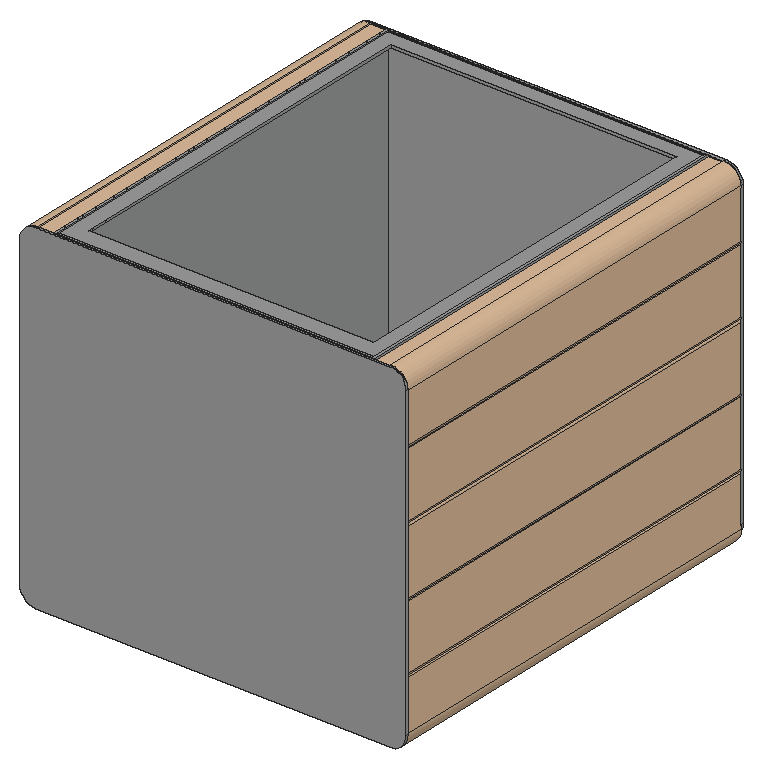
Revit family "1215-S-L", category Meble, Revit 2021
Family settings
  Numer OmniClass = 23.40.20.00
  Tytuł OmniClass = General Furniture and Specialties
  Oparty na płaszczyźnie roboczej = Nie
  Zawsze pionowo = Tak
  Tnij formami wycięć po wczytaniu = Nie
  Współdzielony = Nie
  Punkt obliczania pomieszczeń = Nie
Parameters (values of type "1215-S-L")
  wood = Mobilis Design Wood - Larch
  metal = Mobilis Design RAL 9023
  Width = "50 cm"
  Weight = "45 kg"
  URL = ""
  Size = "85 L"
  Product line = "Tucana"
  Product Groups = ""
  Manufacturer = ""
  Keynote = ""
  Description = ""
  Model = "1215-S-L"
  Material = ""
  Maintenance = ""
  Lenght = "55 cm"
  Type Comments = ""
  Mobilis Design Materialss = ""
  Hosted on = ""
  Height = "46 cm"
  Domyślna rzędna = 0 mm
  Copyright = "All designs and drawings are the common intellectual property of Lars Laj A/S and Tress and are protected by Danish and international copyright laws."
Reference planes
  plane 1 "front": y = 0
  plane 2: z = 0
  plane 3 "Środek (Lewa/Prawa)": x = 0
Forms (mm)
  Extrusion 1, solid, material "Mobilis Design RAL 9023" <- "metal", not visible
    sketch origin (0, 0, 0) x (0, 1, 0) y (0, 0, 1)
      loop
        arc (71.187, 451.5) -> (57.045, 445.642) -> (51.187, 431.5) r 20
        line (51.187, 431.5) -> (51.187, 18.231)
        arc (51.187, 18.231) -> (56.527, 5.34) -> (69.418, 0) r 18.231
        line (69.418, 0) -> (153.638, 0) -> (153.638, 15) -> (448.638, 15) -> (448.638, 0) -> (527.023, 0)
        arc (527.023, 0) -> (542.307, 6.331) -> (548.638, 21.615) r 21.615
        line (548.638, 21.615) -> (548.638, 429.407)
        arc (548.638, 429.407) -> (542.168, 445.029) -> (526.545, 451.5) r 22.093
        line (526.545, 451.5) -> (71.187, 451.5)
    from 750.378 to 745
  Extrusion 2, solid, material "Mobilis Design RAL 9023" <- "metal", not visible
    sketch origin (0, 0, 0) x (0, 1, 0) y (0, 0, 1)
      loop
        line (548.638, 396.844) -> (629.375, 854.725) -> (601.836, 859.581)
        arc (601.836, 859.581) -> (585.224, 855.898) -> (576.082, 841.547) r 22.232
        line (576.082, 841.547) -> (507.306, 451.5) -> (526.545, 451.5)
        arc (526.545, 451.5) -> (542.168, 445.029) -> (548.638, 429.407) r 22.093
        line (548.638, 429.407) -> (548.638, 396.844)
    from 745 to 750.378
  Extrusion 3, solid, material "Mobilis Design Wood - Larch" <- "wood"
    sketch origin (6.56, 533.799, 744) x (1, 0, 0) y (0, 0, 1)
      loop
        line (252.914, -641.5) -> (212, -641.5) -> (212, -731.97) -> (232.65, -731.97)
        arc (232.65, -731.97) -> (248.454, -725.424) -> (255, -709.621) r 22.35
        line (255, -709.621) -> (255, -643.586)
        arc (255, -643.586) -> (254.389, -642.111) -> (252.914, -641.5) r 2.086
    from -16.201 to 533.799
  Extrusion 4, solid, material "Mobilis Design Wood - Larch" <- "wood"
    sketch origin (6.56, 533.799, 839) x (1, 0, 0) y (0, 0, 1)
      loop
        line (253.57, -646.5) -> (212, -646.5) -> (212, -736.5) -> (252.105, -736.5)
        arc (252.105, -736.5) -> (254.152, -735.652) -> (255, -733.605) r 2.895
        line (255, -733.605) -> (255, -647.93)
        arc (255, -647.93) -> (254.581, -646.919) -> (253.57, -646.5) r 1.43
    from -16.201 to 533.799
  Extrusion 5, solid, material "Mobilis Design RAL 9023" <- "metal"
    sketch origin (6.56, 533.799, 35) x (1, 0, 0) y (0, 0, 1)
      loop
        arc (-233.5, 427.5) -> (-248.703, 421.203) -> (-255, 406) r 21.5
        line (-255, 406) -> (-255, -1.454)
        arc (-255, -1.454) -> (-248.703, -16.657) -> (-233.5, -22.954) r 21.5
        line (-233.5, -22.954) -> (233.5, -22.954)
        arc (233.5, -22.954) -> (248.703, -16.657) -> (255, -1.454) r 21.5
        line (255, -1.454) -> (255, 406)
        arc (255, 406) -> (248.703, 421.203) -> (233.5, 427.5) r 21.5
        line (233.5, 427.5) -> (-233.5, 427.5)
    from 533.799 to 536.016
  Extrusion 6, solid, material "Mobilis Design RAL 9023" <- "metal"
    sketch origin (6.56, 533.799, 0) x (1, 0, 0) y (0, 1, 0)
      loop
        line (-233.5, 16.201) -> (-233.5, -530.016) -> (232, -530.016) -> (232, 16.201) -> (-233.5, 16.201)
    from 12 to 19
  Extrusion 7, solid, material "Mobilis Design RAL 9023" <- "metal"
    sketch origin (6.56, 191.299, 0) x (1, 0, 0) y (0, 1, 0)
      loop
        line (-201.598, -114.603) -> (-201.598, -164.603) -> (-148.076, -164.603) -> (-148.076, -114.603) -> (-201.598, -114.603)
      loop
        line (151.598, -164.603) -> (201.598, -164.603) -> (201.598, -116.623) -> (151.598, -116.623) -> (151.598, -164.603)
      loop
        line (-201.598, 318.192) -> (-201.598, 264.07) -> (-148.076, 264.07) -> (-148.076, 318.192) -> (-201.598, 318.192)
      loop
        line (151.598, 268.23) -> (201.598, 268.23) -> (201.598, 318.372) -> (151.598, 318.372) -> (151.598, 268.23)
    from 0 to 12
  Extrusion 8, solid, material "Mobilis Design RAL 9023" <- "metal"
    sketch origin (6.56, 533.799, 0) x (1, 0, 0) y (0, 0, 1)
      loop
        line (-255.619, 441) -> (-255.619, 40.5)
        arc (-255.619, 40.5) -> (-249.322, 25.297) -> (-234.119, 19) r 21.5
        line (-234.119, 19) -> (233.5, 19)
        arc (233.5, 19) -> (248.703, 25.297) -> (255, 40.5) r 21.5
        line (255, 40.5) -> (255, 441)
        arc (255, 441) -> (248.703, 456.203) -> (233.5, 462.5) r 21.5
        line (233.5, 462.5) -> (-234.119, 462.5)
        arc (-234.119, 462.5) -> (-249.322, 456.203) -> (-255.619, 441) r 21.5
    from -19.196 to -16.201
  Extrusion 9, solid, material "Mobilis Design RAL 9023" <- "metal"
    sketch origin (6.56, 533.799, 0) x (1, 0, 0) y (0, 1, 0)
      loop
        line (-212, 16.201) -> (-212, -533.799) -> (212, -533.799) -> (212, 16.201) -> (-212, 16.201)
      loop
        line (-208.789, 13.093) -> (-208.789, -530.838) -> (208.6, -530.838) -> (208.6, 13.093) -> (-208.789, 13.093)
    from 19 to 462.5
  Extrusion 10, solid, material "Mobilis Design Wood - Larch" <- "wood"
    sketch origin (6.56, 533.799, -454) x (1, 0, 0) y (0, 0, 1)
      loop
        arc (253.57, 646.5) -> (254.581, 646.919) -> (255, 647.93) r 1.43
        line (255, 647.93) -> (255, 733.605)
        arc (255, 733.605) -> (254.152, 735.652) -> (252.105, 736.5) r 2.895
        line (252.105, 736.5) -> (212, 736.5) -> (212, 646.5) -> (253.57, 646.5)
    from -16.201 to 533.799
  Extrusion 11, solid, material "Mobilis Design Wood - Larch" <- "wood"
    sketch origin (6.56, 533.799, 1019) x (1, 0, 0) y (0, 0, 1)
      loop
        line (253.57, -646.5) -> (212, -646.5) -> (212, -736.5) -> (252.105, -736.5)
        arc (252.105, -736.5) -> (254.152, -735.652) -> (255, -733.605) r 2.895
        line (255, -733.605) -> (255, -647.93)
        arc (255, -647.93) -> (254.581, -646.919) -> (253.57, -646.5) r 1.43
    from -16.201 to 533.799
  Extrusion 12, solid, material "Mobilis Design Wood - Larch" <- "wood"
    sketch origin (5.94, 533.799, 744) x (-1, 0, 0) y (0, 0, -1)
      loop
        arc (252.914, 641.5) -> (254.389, 642.111) -> (255, 643.586) r 2.086
        line (255, 643.586) -> (255, 709.621)
        arc (255, 709.621) -> (248.454, 725.424) -> (232.65, 731.97) r 22.35
        line (232.65, 731.97) -> (212, 731.97) -> (212, 641.5) -> (252.914, 641.5)
    from -16.201 to 533.799
  Extrusion 13, solid, material "Mobilis Design Wood - Larch" <- "wood"
    sketch origin (5.94, 533.799, 839) x (-1, 0, 0) y (0, 0, -1)
      loop
        arc (253.57, 646.5) -> (254.581, 646.919) -> (255, 647.93) r 1.43
        line (255, 647.93) -> (255, 733.605)
        arc (255, 733.605) -> (254.152, 735.652) -> (252.105, 736.5) r 2.895
        line (252.105, 736.5) -> (212, 736.5) -> (212, 646.5) -> (253.57, 646.5)
    from -16.201 to 533.799
  Extrusion 14, solid, material "Mobilis Design Wood - Larch" <- "wood"
    sketch origin (5.94, 533.799, -269) x (-1, 0, 0) y (0, 0, -1)
      loop
        line (252.914, -641.5) -> (212, -641.5) -> (212, -730.307) -> (232.65, -730.307) -> (232.65, -731.97)
        arc (232.65, -731.97) -> (248.454, -725.424) -> (255, -709.621) r 22.35
        line (255, -709.621) -> (255, -643.586)
        arc (255, -643.586) -> (254.389, -642.111) -> (252.914, -641.5) r 2.086
    from -16.201 to 533.799
  Extrusion 15, solid, material "Mobilis Design Wood - Larch" <- "wood"
    sketch origin (5.94, 533.799, -454) x (-1, 0, 0) y (0, 0, -1)
      loop
        line (253.57, -646.5) -> (212, -646.5) -> (212, -736.5) -> (252.105, -736.5)
        arc (252.105, -736.5) -> (254.152, -735.652) -> (255, -733.605) r 2.895
        line (255, -733.605) -> (255, -647.93)
        arc (255, -647.93) -> (254.581, -646.919) -> (253.57, -646.5) r 1.43
    from -16.201 to 533.799
  Extrusion 16, solid, material "Mobilis Design Wood - Larch" <- "wood"
    sketch origin (5.94, 533.799, 1019) x (-1, 0, 0) y (0, 0, -1)
      loop
        arc (253.57, 646.5) -> (254.581, 646.919) -> (255, 647.93) r 1.43
        line (255, 647.93) -> (255, 733.605)
        arc (255, 733.605) -> (254.152, 735.652) -> (252.105, 736.5) r 2.895
        line (252.105, 736.5) -> (212, 736.5) -> (212, 646.5) -> (253.57, 646.5)
    from -16.201 to 533.799
  Extrusion 17, solid, material "Mobilis Design Wood - Larch" <- "wood"
    sketch origin (6.56, 533.799, -269) x (1, 0, 0) y (0, 0, 1)
      loop
        arc (252.914, 641.5) -> (254.389, 642.111) -> (255, 643.586) r 2.086
        line (255, 643.586) -> (255, 709.621)
        arc (255, 709.621) -> (248.454, 725.424) -> (232.65, 731.97) r 22.35
        line (232.65, 731.97) -> (232.65, 730.307) -> (212, 730.307) -> (212, 641.5) -> (252.914, 641.5)
    from -16.201 to 533.799
  Extrusion 18, solid, material "Mobilis Design RAL 9023" <- "metal"
    sketch origin (0, 0, 0) x (1, 0, 0) y (0, 1, 0)
      loop
        line (-206.06, 550) -> (-206.06, 0) -> (218.56, 0) -> (218.56, 550) -> (-206.06, 550)
      loop
        line (-181.016, 526.18) -> (-181.016, 26.696) -> (195.723, 26.696) -> (195.723, 526.18) -> (-181.016, 526.18)
    from 459.66 to 462.5
Dimensions and locks
  aligned and locked: level to plane 2
  aligned and locked: plane 1 "front" to Extrusion 3
  aligned and locked: plane 1 "front" to Extrusion 12
